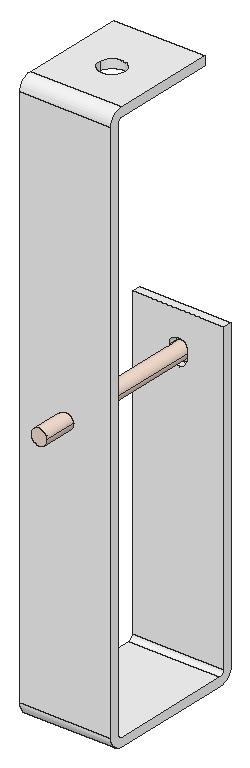
Revit family "lghanger_c100x50x20_innner", category 機械設備, Revit 2022
Family settings
  丸型コネクタ寸法 = 直径を使用
  種別 = なし
  パーツ タイプ = 標準
  作業面ベース = いいえ
  常に垂直 = はい
  ロード時にボイドで切り取り = いいえ
  注釈の向きを維持 = いいえ
  共有 = いいえ
  部屋計算ポイント = いいえ
Parameters
  製造元 = "株式会社桐井製作所"
  既定の高さ = 0 mm
  URL = "https://www.kirii.co.jp/"
  K_材質 = "SGHC　一般用"
  K_品名 = "100×50×20LGハンガー(内折れ)"
  K_名称 = "その他ハンガー"
  K_入数 = "50"
  K_バージョン情報 = "20211012"
  K_めっき付着量 = "Z12"
  K_JIS規格 = "JIS G 3302"
Reference planes
  plane 1 "中心(正面/背面)": y = 0
  plane 2: z = 0
  plane 3 "中心(左/右)": x = 0
  plane 4: x = 17.5
  plane 5: x = -17.5
Forms (mm)
  Extrusion 1, solid
    sketch origin (0, 0, 0) x (0, 1, 0) y (0, 0, 1)
      loop
        line (0, 1.8) -> (0, 211.8)
        arc (0, 211.8) -> (0.527, 213.073) -> (1.8, 213.6) r 1.8
        line (1.8, 213.6) -> (41.8, 213.6) -> (41.8, 216.8) -> (1.8, 216.8)
        arc (1.8, 216.8) -> (-1.736, 215.336) -> (-3.2, 211.8) r 5
        line (-3.2, 211.8) -> (-3.2, 1.8)
        arc (-3.2, 1.8) -> (-1.736, -1.736) -> (1.8, -3.2) r 5
        line (1.8, -3.2) -> (49.2, -3.2)
        arc (49.2, -3.2) -> (52.736, -1.736) -> (54.2, 1.8) r 5
        line (54.2, 1.8) -> (54.2, 119.8) -> (51, 119.8) -> (51, 1.8)
        arc (51, 1.8) -> (50.473, 0.527) -> (49.2, 0) r 1.8
        line (49.2, 0) -> (1.8, 0)
        arc (1.8, 0) -> (0.527, 0.527) -> (0, 1.8) r 1.8
    from -17.5 to 17.5
  Extrusion 2, void
    sketch origin (0, 0, 25) x (1, 0, 0) y (0, 0, 1)
      loop
        circle (0, 79.96) r 3
    from 0 to 3.2
  Extrusion 3, void
    sketch origin (0, 15, 40.04) x (1, 0, 0) y (0, 0, 1)
      loop
        arc (3.5, 66.5) -> (0, 70) -> (-3.5, 66.5) r 3.5
        line (-3.5, 66.5) -> (-3.5, 63.5)
        arc (-3.5, 63.5) -> (0, 60) -> (3.5, 63.5) r 3.5
        line (3.5, 63.5) -> (3.5, 66.5)
    from -39.2 to -36
  Extrusion 4, void
    sketch origin (0, 41.8, 0) x (1, 0, 0) y (0, 1, 0)
      loop
        circle (0, -22.5) r 5
    from 213.6 to 216.8
Cuts and joins
  Extrusion 2, Extrusion 3, Extrusion 4 cuts Extrusion 1
Dimensions and locks
  aligned and locked: level to plane 2
Nested families
  nested 1: "M6×70ボルト" at (-0.011, 54.2, 105.16) x (-1, 0, 0) z (0, 0, 1), type "M6×70ボルト"
Definition of nested family "M6×70ボルト"
  Parameters (values of type "M6×70ボルト")
    Manufacturer = "株式会社桐井製作所"
    Default Elevation = 0 mm
    URL = "https://www.kirii.co.jp/"
    K_名称 = "M6×70ボルト"
  Reference planes
    plane 1 "中心(正面/背面)": y = 0
    plane 2: z = 0
    plane 3 "中心(左/右)": x = 0
    plane 4 "正面": y = -4
  Forms (mm)
    Extrusion 1, solid
      sketch origin (0, 0, 0) x (1, 0, 0) y (0, 0, 1)
        loop
          line (-4.763, -2.946) -> (0, -5.696) -> (4.763, -2.946) -> (4.763, 2.554) -> (0, 5.304) -> (-4.763, 2.554) -> (-4.763, -2.946)
      from 0 to 4
    Extrusion 2, void
      sketch origin (0, -4, 0) x (-1, 0, 0) y (0, 0, 1)
        loop
          circle (0, -0.156) r 4.396
      from 0 to 1
    Extrusion 3, void
      sketch origin (0, -4, 0) x (-1, 0, 0) y (0, 0, 1)
        loop
          arc (-0.6, 1.814) -> (-1.069, 0.856) -> (-2.036, 0.404) r 1.605
          line (-2.036, 0.404) -> (-2.939, 0.404)
          arc (-2.939, 0.404) -> (-3, -0.195) -> (-2.94, -0.795) r 3
          line (-2.94, -0.795) -> (-2.049, -0.795)
          arc (-2.049, -0.795) -> (-1.074, -1.243) -> (-0.6, -2.206) r 1.605
          line (-0.6, -2.206) -> (-0.6, -3.135)
          arc (-0.6, -3.135) -> (0, -3.196) -> (0.6, -3.135) r 3
          line (0.6, -3.135) -> (0.6, -2.206)
          arc (0.6, -2.206) -> (1.074, -1.243) -> (2.049, -0.795) r 1.605
          line (2.049, -0.795) -> (2.94, -0.795)
          arc (2.94, -0.795) -> (3, -0.198) -> (2.941, 0.398) r 3
          line (2.941, 0.398) -> (2.117, 0.398)
          arc (2.117, 0.398) -> (1.098, 0.828) -> (0.6, 1.814) r 1.605
          line (0.6, 1.814) -> (0.6, 2.743)
          arc (0.6, 2.743) -> (0, 2.804) -> (-0.6, 2.743) r 3
          line (-0.6, 2.743) -> (-0.6, 1.814)
      from 0 to 2
    Extrusion 4, solid
      sketch origin (0, 0, 0) x (1, 0, 0) y (0, 0, 1)
        loop
          circle (-0.011, -0.2) r 3
      from 0 to -70
  Cuts and joins
    Extrusion 2, Extrusion 3 cuts Extrusion 1
    joined: Extrusion 1, Extrusion 4
  Dimensions and locks
    aligned and locked: level to plane 2
